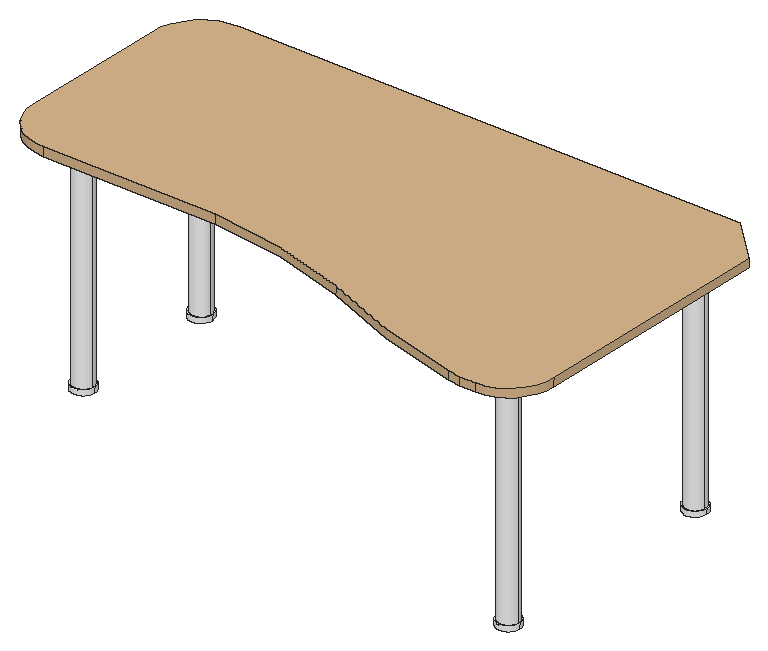
Revit family
Parameters (values of type "1800 x 1010")
  Vis - Symbolic Hidden = yes
  Material Table = Wood - Birch
  Model = "Corner table"
  Manufacturer = "Revit"
  Material Leg = Metal - Chrome
  Keynote = "N"
  Description = "Desk"
  Assembly Code = "E2020200"
Reference planes
  plane 1 "Center (Front/Back)": y = 0
  plane 2: z = 0
  plane 3 "Center (Left/Right)": x = 0
  plane 4: y = -209.149
  plane 5: y = 242.952
  plane 6: y = -469.892
  plane 7: x = 733.62
  plane 8: x = -774.43
Forms (mm)
  Extrusion 1, solid, material "Wood - Birch" <- "Material Table"
    sketch origin (0, 0, 0) x (1, 0, 0) y (0, 1, 0)
      loop
        arc (-774.43, 391.901) -> (-879.754, 348.275) -> (-923.38, 242.952) r 148.95
        line (-923.38, 242.952) -> (-923.38, -209.149)
        arc (-923.38, -209.149) -> (-879.754, -314.473) -> (-774.43, -358.099) r 148.95
        line (-774.43, -358.099) -> (-253.279, -358.099)
        arc (-253.279, -358.099) -> (-27.368, -386.002) -> (191.243, -449.433) r 1428.583
        arc (191.243, -449.433) -> (420.096, -540.376) -> (657.97, -604.095) r 2114.459
        arc (657.97, -604.095) -> (677.481, -607.095) -> (697.196, -608.099) r 194.135
        line (697.196, -608.099) -> (743.206, -608.099)
        arc (743.206, -608.099) -> (837.544, -569.023) -> (876.62, -474.685) r 133.414
        line (876.62, -474.685) -> (876.62, 266.047) -> (750.766, 391.901) -> (-774.43, 391.901)
    from 700 to 725
Lines and regions (mm)
  Masking region 1
    outline origin (0, 0, 0) x (1, 0, 0) y (0, 1, 0)
      loop
        arc (-774.43, 391.901) -> (-879.754, 348.275) -> (-923.38, 242.952) r 148.95
        line (-923.38, 242.952) -> (-923.38, -209.149)
        arc (-923.38, -209.149) -> (-879.754, -314.473) -> (-774.43, -358.099) r 148.95
        line (-774.43, -358.099) -> (-253.279, -358.099)
        arc (-253.279, -358.099) -> (-27.368, -386.002) -> (191.243, -449.433) r 1428.583
        arc (191.243, -449.433) -> (420.096, -540.376) -> (657.97, -604.095) r 2114.459
        arc (657.97, -604.095) -> (677.481, -607.095) -> (697.196, -608.099) r 194.135
        line (697.196, -608.099) -> (743.206, -608.099)
        arc (743.206, -608.099) -> (837.544, -569.023) -> (876.62, -474.685) r 133.414
        line (876.62, -474.685) -> (876.62, 266.047) -> (750.766, 391.901) -> (-774.43, 391.901)
  symbolic lines, visible <- "Vis - Symbolic Hidden"
    curve 1: line (-774.43, -358.099, 0) -> (-253.279, -358.099, 0)
    curve 2: arc (-253.279, -358.099, 0) -> (-27.368, -386.002, 0) -> (191.243, -449.433, 0) r 1428.583
    curve 3: arc (191.243, -449.433, 0) -> (420.096, -540.376, 0) -> (657.97, -604.095, 0) r 2114.459
    curve 4: arc (657.97, -604.095, 0) -> (677.481, -607.095, 0) -> (697.196, -608.099, 0) r 194.135
    curve 5: line (697.196, -608.099, 0) -> (743.206, -608.099, 0)
    curve 6: arc (743.206, -608.099, 0) -> (837.544, -569.023, 0) -> (876.62, -474.685, 0) r 133.414
    curve 7: line (876.62, -474.685, 0) -> (876.62, 266.047, 0)
    curve 8: line (876.62, 266.047, 0) -> (750.766, 391.901, 0)
    curve 9: line (750.766, 391.901, 0) -> (-774.43, 391.901, 0)
    curve 10: arc (-774.43, 391.901, 0) -> (-879.754, 348.275, 0) -> (-923.38, 242.952, 0) r 148.95
    curve 11: line (-923.38, 242.952, 0) -> (-923.38, -209.149, 0)
    curve 12: arc (-923.38, -209.149, 0) -> (-879.754, -314.473, 0) -> (-774.43, -358.099, 0) r 148.95
  symbolic lines, style "FurnitureHiddenLines", visible <- "Vis - Symbolic Hidden"
    curve 13: arc (-817.43, 242.952, 0) -> (-774.43, 199.952, 0) -> (-731.43, 242.952, 0) r 43
    curve 14: arc (-731.43, 242.952, 0) -> (-774.43, 285.952, 0) -> (-817.43, 242.952, 0) r 43
    curve 15: arc (-731.43, -206.541, 0) -> (-774.43, -163.541, 0) -> (-817.43, -206.541, 0) r 43
    curve 16: arc (-817.43, -206.541, 0) -> (-774.43, -249.541, 0) -> (-731.43, -206.541, 0) r 43
    curve 17: arc (690.62, -469.892, 0) -> (733.62, -512.892, 0) -> (776.62, -469.892, 0) r 43
    curve 18: arc (776.62, -469.892, 0) -> (733.62, -426.892, 0) -> (690.62, -469.892, 0) r 43
    curve 19: arc (690.62, 242.952, 0) -> (733.62, 199.952, 0) -> (776.62, 242.952, 0) r 43
    curve 20: arc (776.62, 242.952, 0) -> (733.62, 285.952, 0) -> (690.62, 242.952, 0) r 43
Dimensions and locks
  aligned and locked: Extrusion 1 to nested 1
  aligned and locked: curve 13 to nested 4
  aligned and locked: curve 14 to nested 4
  aligned and locked: curve 15 to nested 1
  aligned and locked: curve 16 to nested 1
  aligned and locked: curve 17 to nested 2
  aligned and locked: curve 18 to nested 2
  aligned and locked: curve 19 to nested 3
  aligned and locked: curve 20 to nested 3
  aligned and locked: Masking region 1 sketch curve to curve 10
  aligned and locked: Masking region 1 sketch curve to curve 11
  aligned and locked: Masking region 1 sketch curve to curve 12
  aligned and locked: Masking region 1 sketch curve to curve 1
  aligned and locked: Masking region 1 sketch curve to curve 2
  aligned and locked: Masking region 1 sketch curve to curve 3
  aligned and locked: Masking region 1 sketch curve to curve 4
  aligned and locked: Masking region 1 sketch curve to curve 5
  aligned and locked: Masking region 1 sketch curve to curve 6
  aligned and locked: Masking region 1 sketch curve to curve 7
  aligned and locked: Masking region 1 sketch curve to curve 8
  aligned and locked: Masking region 1 sketch curve to curve 9
Nested families
  nested 1: "Leg" at (-774.43, -206.541, 0), type "Height 700mm"
  nested 2: "Leg" at (733.62, -469.892, 0) x (-1, 0, 0) z (0, 0, 1), type "Height 700mm"
  nested 3: "Leg" at (733.62, 242.952, 0) x (-1, 0, 0) z (0, 0, 1), type "Height 700mm"
  nested 4: "Leg" at (-774.43, 242.952, 0) x (-1, 0, 0) z (0, 0, 1), type "Height 700mm"
Definition of nested family "Leg"
  Parameters (values of type "Height 700mm")
    Model = "Abacus"
    Manufacturer = "LM"
    Leg Material = none
    Description = "Table Leg"
    Assembly Code = "E2020200"
  Reference planes
    plane 1 "Center (Front/Back)": y = 0
    plane 2: z = 0
    plane 3 "Center (Left/Right)": x = 0
  Forms (mm)
    Revolve 1, solid, material <- "Leg Material"
      sketch origin (0, 0, 0) x (1, 0, 0) y (0, 0, 1)
        loop
          line (0, 15) -> (0, 700) -> (-43, 700) -> (-33, 650) -> (-30, 650) -> (-30, 15) -> (0, 15)
        axis (0, 15) -> (0, 700)
      angle from 0 to 360
    Extrusion 2, solid, material <- "Leg Material"
      sketch origin (0, 0, 0) x (1, 0, 0) y (0, 1, 0)
        loop
          circle (0, 0) r 35
      from 0 to 15
  Dimensions and locks
    aligned and locked: plane 3 "Center (Left/Right)" to Revolve 1 sketch curve
    aligned and locked: Revolve 1 to Extrusion 2
